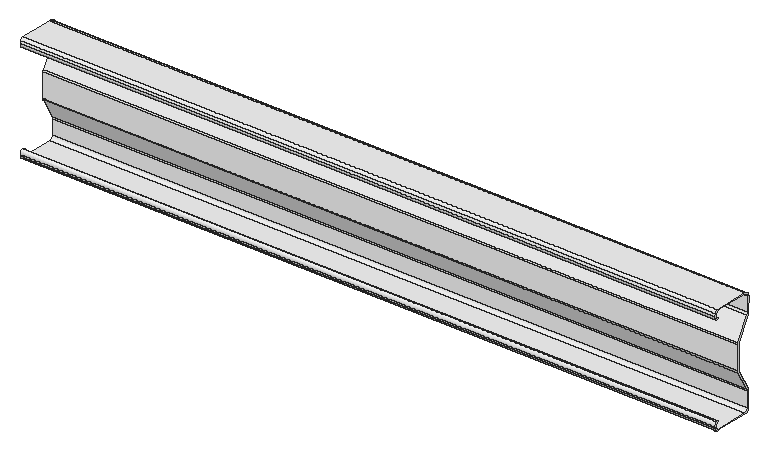
Revit family "KingspanStructuralProducts_StructuralFraming_Beam_MultibeamPurlinRail_M175_65mmFlangea", category Structural Framing, Revit 2016
Family settings
  Structural Framing Length Roundoff = 1 mm
  Section Shape = Not Defined
  Material for Model Behavior = Steel
  Always export as geometry = No
  OmniClass Number = 23.25.30.11
  OmniClass Title = Structural Frames
  Always vertical = Yes
  Cut with Voids When Loaded = No
  Symbolic Representation = From Project Settings
  Shared = No
  Show family pre-cut in plan views = Yes
Parameters (values of type "M175065120")
  _DistributedBy = "www.bimstore.co.uk"
  _CurrentRevision = 1
  _CreatedBy = "www.bimstore.co.uk"
  _BimSpecGuid = 0
  _BSBibleVersion = 15  # constant formula
  _AuthorizedBy = "Kris Atkinson"
  _Author = "Ryan Lashley"
  Y = 0 mm
  X = 0 mm
  Width = 67 mm
  Weight = 3.02 kg/m²
  WarrantyStartDate [instance] = "Please record on commissioning."
  WarrantyGuarantorParts = "marketing@kingspanstructural.co.uk"
  WarrantyGuarantorLabor = "n/a"
  WarrantyDurationUnit = "years"
  WarrantyDurationParts = "0"
  WarrantyDurationLabor = "0"
  WarrantyDescription = "n/a"
  URL = "https://www.kingspan.com/gb/en-gb/products/structural-steel-solutions/structural-steel-products?utm_source=BIM%20Store%20Structural%20Links&utm_campaign=BIM%20Structural"
  TypeName = Type Comments  # "M175065120"
  Type Comments = "M175065120"
  T = 1.2 mm
  Structural Material = Metal - Steel - Light Gauge
  SpareParts = "n/a"
  Size = "175 x 67 x 1.2mm"
  Shape = "Sigma"
  SerialNumber [instance] = "Please record on commissioning."
  ReplacementCost = "n/a"
  ReferencedStandard = "BS EN 10326:2004 and BS EN10143:1993"
  ProductionYear = "2017"
  NominalWidth = Width  # 67 mm
  NominalThickness = T  # 1.2 mm
  NominalLength = 18000 mm  # constant formula
  NominalHeight = Height  # 175 mm
  NBSReference = "45-60-50/400"
  NBSOfficeMasterTag = "n/a"
  NBSObjectName = "Kingspan Structural Products - Cold-formed galvanised steel section"
  NBSNote = "n/a"
  NBSDescription = "Cold-formed galvanised steel section"
  ModelReference = Model  # "Multibeam Purlin Rail (M175)"
  ModelNumber = Type Comments  # "M175065120"
  Model = "Multibeam Purlin Rail (M175)"
  Material = "Hot dip galvanised steel"
  ManufacturerName = "Kingspan Structural Products"
  Manufacturer = "Kingspan Structural Products"
  M175065250 = no
  M175065220 = no
  M175065200 = no
  M175065180 = no
  M175065160 = no
  M175065150 = no
  M175065140 = no
  M175065130 = no
  M175065120 = yes
  Lip = 15 mm
  Keynote = "G10"
  InstallationDate [instance] = "Please record on commissioning."
  IfcExportType = "Purlin"
  IfcExportAs = "IfcMemberType"
  Height = 175 mm
  Grade = "minimum grade of steel used is S450GD"
  Gauge = T  # 1.2 mm
  Fire Rating = "n/a"
  Finish = "Z275 zinc coating"
  Features = "Multibeam Purlin System typically requires fewer components than other systems. This means quicker assembly and faster project completion."
  Extidentifier [instance] = "Please record on commissioning."
  ExpectedLife = 0
  DurationUnit = "Years"
  DocumentationTechnical = "technical3@kingspan.com"
  DocumentationMaintenance = "https://www.kingspan.com/gb/en-gb/products/structural-steel-solutions/structural-steel-products/multibeam?utm_source=BIM%20Store%20Structural%20Links&utm_campaign=BIM%20Structural"
  DocumentationLiterature = "https://www.kingspan.com/gb/en-gb/products/structural-steel-solutions/structural-steel-products/downloads/kingspan-multibeam-handbook-brochure?utm_source=BIM%20Store%20Structural%20Links&utm_campaign=BIM%20Structural"
  DocumentationInstallationGuide = "https://www.kingspan.com/gb/en-gb/products/structural-steel-solutions/structural-steel-products/downloads/kingspan-multibeam-handbook-brochure?utm_source=BIM%20Store%20Structural%20Links&utm_campaign=BIM%20Structural"
  DocumentationCertificates = "n/a"
  Description = "Multibeam Purlin System typically requires fewer components than other systems. This means quicker assembly and faster project completion."
  CreatedOn = "2017-01-08T09:00:00"
  CreatedBy = "marketing@kingspanstructural.co.uk"
  Cost = 0
  Constituents = "n/a"
  Color = "Self-colour"
  CodePerformance = "BS EN 10326:2004 and BS EN 10143:1993"
  ClassificationValue = "Pr_20_76_51_21"
  ClassificationName = "Uniclass2015"
  BarCode [instance] = "Please record on commissioning."
  BIMObjectName = "KingspanStructuralProducts_StructuralFraming_Beam_MultibeamPurlinRail_M175_65mmFlange"
  AssetType = "Fixed"
  AssetIdentifier [instance] = "Please record on commissioning."
  Assembly Code = "B10"
  Length [instance] = 1500 mm
  AccessibilityPerformance = "n/a"
Types (9, lengths in mm): name | Weight | TypeName | Type Comments | T | Size | NominalThickness | ModelNumber | M175065250 | M175065220 | M175065200 | M175065180 | M175065160 | M175065150 | M175065140 | M175065130 | M175065120 | Gauge
  M175065250 | 6.35 kg/m² | "M175065250" | "M175065250" | 2.5 | "175 x 67 x 2.5mm" | 2.5 | "M175065250" | yes | no | no | no | no | no | no | no | no | 2.5
  M175065220 | 5.56 kg/m² | "M175065220" | "M175065220" | 2.2 | "175 x 67 x 2.2mm" | 2.2 | "M175065220" | no | yes | no | no | no | no | no | no | no | 2.2
  M175065200 | 5.08 kg/m² | "M175065200" | "M175065200" | 2 | "175 x 67 x 2.0mm" | 2 | "M175065200" | no | no | yes | no | no | no | no | no | no | 2
  M175065180 | 4.55 kg/m² | "M175065180" | "M175065180" | 1.8 | "175 x 67 x 1.8mm" | 1.8 | "M175065180" | no | no | no | yes | no | no | no | no | no | 1.8
  M175065160 | 4.05 kg/m² | "M175065160" | "M175065160" | 1.6 | "175 x 67 x 1.6mm" | 1.6 | "M175065160" | no | no | no | no | yes | no | no | no | no | 1.6
  M175065150 | 3.79 kg/m² | "M175065150" | "M175065150" | 1.5 | "175 x 67 x 1.5mm" | 1.5 | "M175065150" | no | no | no | no | no | yes | no | no | no | 1.5
  M175065140 | 3.52 kg/m² | "M175065140" | "M175065140" | 1.4 | "175 x 67 x 1.4mm" | 1.4 | "M175065140" | no | no | no | no | no | no | yes | no | no | 1.4
  M175065130 | 3.29 kg/m² | "M175065130" | "M175065130" | 1.3 | "175 x 67 x 1.3mm" | 1.3 | "M175065130" | no | no | no | no | no | no | no | yes | no | 1.3
  M175065120 | 3.02 kg/m² | "M175065120" | "M175065120" | 1.2 | "175 x 67 x 1.2mm" | 1.2 | "M175065120" | no | no | no | no | no | no | no | no | yes | 1.2
Reference planes
  plane 1 "Center (Front/Back)": y = 0
  plane 2: z = 0
  plane 3 "Center (Left/Right)": x = 0.008
  plane 4 "Member Left": x = -556.99
  plane 5 "Member Right": x = 566.21
  plane 6 "Left": x = -757.39
  plane 7 "Right": x = 742.61
  plane 8: z = 87.5
  plane 9: z = -87.5
  plane 10: y = 33.5
  plane 11: y = -33.5
  plane 12: z = 0
  plane 13: y = 0
  plane 14: y = 32.3
  plane 15: z = 86.3
  plane 16: z = -86.3
  plane 17: z = -54.8
  plane 18: z = 54.8
  plane 19: y = 12.3
  plane 20: y = 13.5
  plane 21: z = -75.1
  plane 22: z = 75.1
  plane 23: y = -31.5
  plane 24: y = -34.6
Forms (mm)
  Extrusion 1, solid, material "Metal - Steel - Light Gauge" <- "Structural Material", detail levels medium
    sketch origin (-757.39, 0, 0) x (0, -1, 0) y (0, 0, 1)
      loop
        line (-33.5, 87.5) -> (-33.5, 54.8) -> (-13.5, 20.159) -> (-13.5, -20.159) -> (-33.5, -54.8) -> (-33.5, -87.5) -> (31.5, -87.5) -> (34.6, -75.1) -> (26.702, -73.707) -> (26.41, -74.874) -> (33.124, -76.058) -> (30.563, -86.3) -> (-32.3, -86.3) -> (-32.3, -55.122) -> (-12.3, -20.481) -> (-12.3, 20.481) -> (-32.3, 55.122) -> (-32.3, 86.3) -> (30.563, 86.3) -> (33.124, 76.058) -> (26.41, 74.874) -> (26.702, 73.707) -> (34.6, 75.1) -> (31.5, 87.5) -> (-33.5, 87.5)
    from -1323.6 to -200.4
  Sweep 2, solid, material "Metal - Steel - Light Gauge" <- "Structural Material", visible <- "M175065120", detail levels fine
    path origin (0, -30.863, 0) x (0, 1, 0) y (-1, 0, 0)
      loop
        line (30.863, 556.99) -> (30.863, -566.21)
    profile "M175065120 : M175065120" origin (4.61, 0, 0) x (0, 1, 0) y (0, 0, 1)
      loop
        line (-27.571, 86.298) -> (26.997, 86.298)
        arc (26.997, 86.298) -> (30.745, 84.746) -> (32.297, 80.998) r 5.3
        line (32.297, 80.998) -> (32.297, 57.031)
        arc (32.297, 57.031) -> (32.049, 55.142) -> (31.319, 53.381) r 7.3
        line (31.319, 53.381) -> (13.061, 21.757)
        arc (13.061, 21.757) -> (12.492, 20.382) -> (12.297, 18.907) r 5.7
        line (12.297, 18.907) -> (12.297, -18.907)
        arc (12.297, -18.907) -> (12.492, -20.382) -> (13.061, -21.757) r 5.7
        line (13.061, -21.757) -> (31.319, -53.381)
        arc (31.319, -53.381) -> (32.049, -55.142) -> (32.297, -57.031) r 7.3
        line (32.297, -57.031) -> (32.297, -80.998)
        arc (32.297, -80.998) -> (30.745, -84.746) -> (26.997, -86.298) r 5.3
        line (26.997, -86.298) -> (-27.571, -86.298)
        arc (-27.571, -86.298) -> (-29.961, -85.453) -> (-31.287, -83.292) r 3.8
        line (-31.287, -83.292) -> (-32.162, -79.677)
        arc (-32.162, -79.677) -> (-31.648, -76.703) -> (-29.128, -75.041) r 3.8
        line (-29.128, -75.041) -> (-27.664, -74.783) -> (-27.873, -73.601) -> (-29.337, -73.859)
        arc (-29.337, -73.859) -> (-32.652, -76.046) -> (-33.328, -79.96) r 5
        line (-33.328, -79.96) -> (-32.457, -83.559)
        arc (-32.457, -83.559) -> (-30.709, -86.391) -> (-27.571, -87.498) r 5
        line (-27.571, -87.498) -> (26.997, -87.498)
        arc (26.997, -87.498) -> (31.594, -85.595) -> (33.497, -80.998) r 6.5
        line (33.497, -80.998) -> (33.497, -57.031)
        arc (33.497, -57.031) -> (33.208, -54.831) -> (32.359, -52.781) r 8.5
        line (32.359, -52.781) -> (14.1, -21.157)
        arc (14.1, -21.157) -> (13.651, -20.072) -> (13.497, -18.907) r 4.5
        line (13.497, -18.907) -> (13.497, 18.907)
        arc (13.497, 18.907) -> (13.651, 20.072) -> (14.1, 21.157) r 4.5
        line (14.1, 21.157) -> (32.359, 52.781)
        arc (32.359, 52.781) -> (33.208, 54.831) -> (33.497, 57.031) r 8.5
        line (33.497, 57.031) -> (33.497, 80.998)
        arc (33.497, 80.998) -> (31.594, 85.595) -> (26.997, 87.498) r 6.5
        line (26.997, 87.498) -> (-27.571, 87.498)
        arc (-27.571, 87.498) -> (-30.709, 86.391) -> (-32.457, 83.559) r 5
        line (-32.457, 83.559) -> (-33.328, 79.96)
        arc (-33.328, 79.96) -> (-32.652, 76.046) -> (-29.337, 73.859) r 5
        line (-29.337, 73.859) -> (-27.873, 73.601) -> (-27.664, 74.783) -> (-29.128, 75.041)
        arc (-29.128, 75.041) -> (-31.648, 76.703) -> (-32.162, 79.677) r 3.8
        line (-32.162, 79.677) -> (-31.287, 83.292)
        arc (-31.287, 83.292) -> (-29.961, 85.453) -> (-27.571, 86.298) r 3.8
  Sweep 3, solid, material "Metal - Steel - Light Gauge" <- "Structural Material", visible <- "M175065130", detail levels fine
    path origin (0, -30.863, 0) x (0, 1, 0) y (-1, 0, 0)
      loop
        line (30.863, 556.99) -> (30.863, -566.21)
    profile "M175065130 : M175065130" origin (4.61, 0, 0) x (0, 1, 0) y (0, 0, 1)
      loop
        line (32.197, 80.998) -> (32.197, 57.031)
        arc (32.197, 57.031) -> (31.952, 55.168) -> (31.233, 53.431) r 7.2
        line (31.233, 53.431) -> (12.974, 21.807)
        arc (12.974, 21.807) -> (12.395, 20.408) -> (12.197, 18.907) r 5.8
        line (12.197, 18.907) -> (12.197, -18.907)
        arc (12.197, -18.907) -> (12.395, -20.408) -> (12.974, -21.807) r 5.8
        line (12.974, -21.807) -> (31.233, -53.431)
        arc (31.233, -53.431) -> (31.952, -55.168) -> (32.197, -57.031) r 7.2
        line (32.197, -57.031) -> (32.197, -80.998)
        arc (32.197, -80.998) -> (30.674, -84.675) -> (26.997, -86.198) r 5.2
        line (26.997, -86.198) -> (-27.571, -86.198)
        arc (-27.571, -86.198) -> (-29.898, -85.374) -> (-31.189, -83.269) r 3.7
        line (-31.189, -83.269) -> (-32.064, -79.654)
        arc (-32.064, -79.654) -> (-31.564, -76.758) -> (-29.111, -75.14) r 3.7
        line (-29.111, -75.14) -> (-27.647, -74.882) -> (-27.873, -73.601) -> (-29.337, -73.859)
        arc (-29.337, -73.859) -> (-32.652, -76.046) -> (-33.328, -79.96) r 5
        line (-33.328, -79.96) -> (-32.457, -83.559)
        arc (-32.457, -83.559) -> (-30.709, -86.391) -> (-27.571, -87.498) r 5
        line (-27.571, -87.498) -> (26.997, -87.498)
        arc (26.997, -87.498) -> (31.594, -85.595) -> (33.497, -80.998) r 6.5
        line (33.497, -80.998) -> (33.497, -57.031)
        arc (33.497, -57.031) -> (33.208, -54.831) -> (32.359, -52.781) r 8.5
        line (32.359, -52.781) -> (14.1, -21.157)
        arc (14.1, -21.157) -> (13.651, -20.072) -> (13.497, -18.907) r 4.5
        line (13.497, -18.907) -> (13.497, 18.907)
        arc (13.497, 18.907) -> (13.651, 20.072) -> (14.1, 21.157) r 4.5
        line (14.1, 21.157) -> (32.359, 52.781)
        arc (32.359, 52.781) -> (33.208, 54.831) -> (33.497, 57.031) r 8.5
        line (33.497, 57.031) -> (33.497, 80.998)
        arc (33.497, 80.998) -> (31.594, 85.595) -> (26.997, 87.498) r 6.5
        line (26.997, 87.498) -> (-27.571, 87.498)
        arc (-27.571, 87.498) -> (-30.709, 86.391) -> (-32.457, 83.559) r 5
        line (-32.457, 83.559) -> (-33.328, 79.96)
        arc (-33.328, 79.96) -> (-32.652, 76.046) -> (-29.337, 73.859) r 5
        line (-29.337, 73.859) -> (-27.873, 73.601) -> (-27.647, 74.882) -> (-29.111, 75.14)
        arc (-29.111, 75.14) -> (-31.564, 76.758) -> (-32.064, 79.654) r 3.7
        line (-32.064, 79.654) -> (-31.189, 83.269)
        arc (-31.189, 83.269) -> (-29.898, 85.374) -> (-27.571, 86.198) r 3.7
        line (-27.571, 86.198) -> (26.997, 86.198)
        arc (26.997, 86.198) -> (30.674, 84.675) -> (32.197, 80.998) r 5.2
  Sweep 4, solid, material "Metal - Steel - Light Gauge" <- "Structural Material", visible <- "M175065140", detail levels fine
    path origin (0, -30.863, 0) x (0, 1, 0) y (-1, 0, 0)
      loop
        line (30.863, 556.99) -> (30.863, -566.21)
    profile "M175065140 : M175065140" origin (4.61, 0, 0) x (0, 1, 0) y (0, 0, 1)
      loop
        line (32.097, 80.998) -> (32.097, 57.031)
        arc (32.097, 57.031) -> (31.855, 55.194) -> (31.146, 53.481) r 7.1
        line (31.146, 53.481) -> (12.888, 21.857)
        arc (12.888, 21.857) -> (12.298, 20.434) -> (12.097, 18.907) r 5.9
        line (12.097, 18.907) -> (12.097, -18.907)
        arc (12.097, -18.907) -> (12.298, -20.434) -> (12.888, -21.857) r 5.9
        line (12.888, -21.857) -> (31.146, -53.481)
        arc (31.146, -53.481) -> (31.855, -55.194) -> (32.097, -57.031) r 7.1
        line (32.097, -57.031) -> (32.097, -80.998)
        arc (32.097, -80.998) -> (30.604, -84.605) -> (26.997, -86.098) r 5.1
        line (26.997, -86.098) -> (-27.571, -86.098)
        arc (-27.571, -86.098) -> (-29.836, -85.296) -> (-31.092, -83.247) r 3.6
        line (-31.092, -83.247) -> (-31.967, -79.63)
        arc (-31.967, -79.63) -> (-31.481, -76.812) -> (-29.093, -75.238) r 3.6
        line (-29.093, -75.238) -> (-27.707, -74.994) -> (-27.873, -73.601) -> (-29.337, -73.859)
        arc (-29.337, -73.859) -> (-32.652, -76.046) -> (-33.328, -79.96) r 5
        line (-33.328, -79.96) -> (-32.457, -83.559)
        arc (-32.457, -83.559) -> (-30.709, -86.391) -> (-27.571, -87.498) r 5
        line (-27.571, -87.498) -> (26.997, -87.498)
        arc (26.997, -87.498) -> (31.594, -85.595) -> (33.497, -80.998) r 6.5
        line (33.497, -80.998) -> (33.497, -57.031)
        arc (33.497, -57.031) -> (33.208, -54.831) -> (32.359, -52.781) r 8.5
        line (32.359, -52.781) -> (14.1, -21.157)
        arc (14.1, -21.157) -> (13.651, -20.072) -> (13.497, -18.907) r 4.5
        line (13.497, -18.907) -> (13.497, 18.907)
        arc (13.497, 18.907) -> (13.651, 20.072) -> (14.1, 21.157) r 4.5
        line (14.1, 21.157) -> (32.359, 52.781)
        arc (32.359, 52.781) -> (33.208, 54.831) -> (33.497, 57.031) r 8.5
        line (33.497, 57.031) -> (33.497, 80.998)
        arc (33.497, 80.998) -> (31.594, 85.595) -> (26.997, 87.498) r 6.5
        line (26.997, 87.498) -> (-27.571, 87.498)
        arc (-27.571, 87.498) -> (-30.709, 86.391) -> (-32.457, 83.559) r 5
        line (-32.457, 83.559) -> (-33.328, 79.96)
        arc (-33.328, 79.96) -> (-32.652, 76.046) -> (-29.337, 73.859) r 5
        line (-29.337, 73.859) -> (-27.873, 73.601) -> (-27.63, 74.98) -> (-29.093, 75.238)
        arc (-29.093, 75.238) -> (-31.481, 76.812) -> (-31.967, 79.63) r 3.6
        line (-31.967, 79.63) -> (-31.092, 83.247)
        arc (-31.092, 83.247) -> (-29.836, 85.296) -> (-27.571, 86.098) r 3.6
        line (-27.571, 86.098) -> (26.997, 86.098)
        arc (26.997, 86.098) -> (30.604, 84.605) -> (32.097, 80.998) r 5.1
  Sweep 5, solid, material "Metal - Steel - Light Gauge" <- "Structural Material", visible <- "M175065150", detail levels fine
    path origin (0, -30.863, 0) x (0, 1, 0) y (-1, 0, 0)
      loop
        line (30.863, 556.99) -> (30.863, -566.21)
    profile "M175065150 : M175065150" origin (4.61, 0, 0) x (0, 1, 0) y (0, 0, 1)
      loop
        arc (26.997, 85.998) -> (30.533, 84.534) -> (31.997, 80.998) r 5
        line (31.997, 80.998) -> (31.997, 57.031)
        arc (31.997, 57.031) -> (31.759, 55.22) -> (31.06, 53.531) r 7
        line (31.06, 53.531) -> (12.801, 21.907)
        arc (12.801, 21.907) -> (12.202, 20.46) -> (11.997, 18.907) r 6
        line (11.997, 18.907) -> (11.997, -18.907)
        arc (11.997, -18.907) -> (12.202, -20.46) -> (12.801, -21.907) r 6
        line (12.801, -21.907) -> (31.06, -53.531)
        arc (31.06, -53.531) -> (31.759, -55.22) -> (31.997, -57.031) r 7
        line (31.997, -57.031) -> (31.997, -80.998)
        arc (31.997, -80.998) -> (30.533, -84.534) -> (26.997, -85.998) r 5
        line (26.997, -85.998) -> (-27.571, -85.998)
        arc (-27.571, -85.998) -> (-29.774, -85.218) -> (-30.994, -83.225) r 3.5
        line (-30.994, -83.225) -> (-31.87, -79.607)
        arc (-31.87, -79.607) -> (-31.397, -76.867) -> (-29.076, -75.337) r 3.5
        line (-29.076, -75.337) -> (-27.612, -75.078) -> (-27.873, -73.601) -> (-29.337, -73.859)
        arc (-29.337, -73.859) -> (-32.652, -76.046) -> (-33.328, -79.96) r 5
        line (-33.328, -79.96) -> (-32.457, -83.559)
        arc (-32.457, -83.559) -> (-30.709, -86.391) -> (-27.571, -87.498) r 5
        line (-27.571, -87.498) -> (26.997, -87.498)
        arc (26.997, -87.498) -> (31.594, -85.595) -> (33.497, -80.998) r 6.5
        line (33.497, -80.998) -> (33.497, -57.031)
        arc (33.497, -57.031) -> (33.208, -54.831) -> (32.359, -52.781) r 8.5
        line (32.359, -52.781) -> (14.1, -21.157)
        arc (14.1, -21.157) -> (13.651, -20.072) -> (13.497, -18.907) r 4.5
        line (13.497, -18.907) -> (13.497, 18.907)
        arc (13.497, 18.907) -> (13.651, 20.072) -> (14.1, 21.157) r 4.5
        line (14.1, 21.157) -> (32.359, 52.781)
        arc (32.359, 52.781) -> (33.208, 54.831) -> (33.497, 57.031) r 8.5
        line (33.497, 57.031) -> (33.497, 80.998)
        arc (33.497, 80.998) -> (31.594, 85.595) -> (26.997, 87.498) r 6.5
        line (26.997, 87.498) -> (-27.571, 87.498)
        arc (-27.571, 87.498) -> (-30.709, 86.391) -> (-32.457, 83.559) r 5
        line (-32.457, 83.559) -> (-33.328, 79.96)
        arc (-33.328, 79.96) -> (-32.652, 76.046) -> (-29.337, 73.859) r 5
        line (-29.337, 73.859) -> (-27.873, 73.601) -> (-27.612, 75.078) -> (-29.076, 75.337)
        arc (-29.076, 75.337) -> (-31.397, 76.867) -> (-31.87, 79.607) r 3.5
        line (-31.87, 79.607) -> (-30.994, 83.225)
        arc (-30.994, 83.225) -> (-29.774, 85.218) -> (-27.571, 85.998) r 3.5
        line (-27.571, 85.998) -> (26.997, 85.998)
  Sweep 6, solid, material "Metal - Steel - Light Gauge" <- "Structural Material", visible <- "M175065160", detail levels fine
    path origin (0, -30.863, 0) x (0, 1, 0) y (-1, 0, 0)
      loop
        line (30.863, 556.99) -> (30.863, -566.21)
    profile "M175065160 : M175065160" origin (4.61, 0, 0) x (0, 1, 0) y (0, 0, 1)
      loop
        arc (26.997, 85.898) -> (30.462, 84.463) -> (31.897, 80.998) r 4.9
        line (31.897, 80.998) -> (31.897, 57.031)
        arc (31.897, 57.031) -> (31.662, 55.246) -> (30.973, 53.581) r 6.9
        line (30.973, 53.581) -> (12.715, 21.957)
        arc (12.715, 21.957) -> (12.105, 20.486) -> (11.897, 18.907) r 6.1
        line (11.897, 18.907) -> (11.897, -18.907)
        arc (11.897, -18.907) -> (12.105, -20.486) -> (12.715, -21.957) r 6.1
        line (12.715, -21.957) -> (30.973, -53.581)
        arc (30.973, -53.581) -> (31.662, -55.246) -> (31.897, -57.031) r 6.9
        line (31.897, -57.031) -> (31.897, -80.998)
        arc (31.897, -80.998) -> (30.462, -84.463) -> (26.997, -85.898) r 4.9
        line (26.997, -85.898) -> (-27.571, -85.898)
        arc (-27.571, -85.898) -> (-29.711, -85.14) -> (-30.897, -83.203) r 3.4
        line (-30.897, -83.203) -> (-31.773, -79.583)
        arc (-31.773, -79.583) -> (-31.313, -76.922) -> (-29.059, -75.435) r 3.4
        line (-29.059, -75.435) -> (-27.595, -75.177) -> (-27.873, -73.601) -> (-29.337, -73.859)
        arc (-29.337, -73.859) -> (-32.652, -76.046) -> (-33.328, -79.96) r 5
        line (-33.328, -79.96) -> (-32.457, -83.559)
        arc (-32.457, -83.559) -> (-30.709, -86.391) -> (-27.571, -87.498) r 5
        line (-27.571, -87.498) -> (26.997, -87.498)
        arc (26.997, -87.498) -> (31.594, -85.595) -> (33.497, -80.998) r 6.5
        line (33.497, -80.998) -> (33.497, -57.031)
        arc (33.497, -57.031) -> (33.208, -54.831) -> (32.359, -52.781) r 8.5
        line (32.359, -52.781) -> (14.1, -21.157)
        arc (14.1, -21.157) -> (13.651, -20.072) -> (13.497, -18.907) r 4.5
        line (13.497, -18.907) -> (13.497, 18.907)
        arc (13.497, 18.907) -> (13.651, 20.072) -> (14.1, 21.157) r 4.5
        line (14.1, 21.157) -> (32.359, 52.781)
        arc (32.359, 52.781) -> (33.208, 54.831) -> (33.497, 57.031) r 8.5
        line (33.497, 57.031) -> (33.497, 80.998)
        arc (33.497, 80.998) -> (31.594, 85.595) -> (26.997, 87.498) r 6.5
        line (26.997, 87.498) -> (-27.571, 87.498)
        arc (-27.571, 87.498) -> (-30.709, 86.391) -> (-32.457, 83.559) r 5
        line (-32.457, 83.559) -> (-33.328, 79.96)
        arc (-33.328, 79.96) -> (-32.652, 76.046) -> (-29.337, 73.859) r 5
        line (-29.337, 73.859) -> (-27.873, 73.601) -> (-27.595, 75.177) -> (-29.059, 75.435)
        arc (-29.059, 75.435) -> (-31.313, 76.922) -> (-31.773, 79.583) r 3.4
        line (-31.773, 79.583) -> (-30.897, 83.203)
        arc (-30.897, 83.203) -> (-29.711, 85.14) -> (-27.571, 85.898) r 3.4
        line (-27.571, 85.898) -> (26.997, 85.898)
  Sweep 7, solid, material "Metal - Steel - Light Gauge" <- "Structural Material", visible <- "M175065180", detail levels fine
    path origin (0, -30.863, 0) x (0, 1, 0) y (-1, 0, 0)
      loop
        line (30.863, 556.99) -> (30.863, -566.21)
    profile "M175065180 : M175065180" origin (4.61, 0, 0) x (0, 1, 0) y (0, 0, 1)
      loop
        line (33.497, 57.031) -> (33.497, 80.998)
        arc (33.497, 80.998) -> (31.594, 85.595) -> (26.997, 87.498) r 6.5
        line (26.997, 87.498) -> (-27.571, 87.498)
        arc (-27.571, 87.498) -> (-30.709, 86.391) -> (-32.457, 83.559) r 5
        line (-32.457, 83.559) -> (-33.328, 79.96)
        arc (-33.328, 79.96) -> (-32.652, 76.046) -> (-29.337, 73.859) r 5
        line (-29.337, 73.859) -> (-27.873, 73.601) -> (-27.56, 75.374) -> (-29.024, 75.632)
        arc (-29.024, 75.632) -> (-31.146, 77.031) -> (-31.579, 79.536) r 3.2
        line (-31.579, 79.536) -> (-30.702, 83.159)
        arc (-30.702, 83.159) -> (-29.586, 84.984) -> (-27.571, 85.698) r 3.2
        line (-27.571, 85.698) -> (26.997, 85.698)
        arc (26.997, 85.698) -> (30.321, 84.322) -> (31.697, 80.998) r 4.7
        line (31.697, 80.998) -> (31.697, 57.031)
        arc (31.697, 57.031) -> (31.469, 55.297) -> (30.8, 53.681) r 6.7
        line (30.8, 53.681) -> (12.541, 22.057)
        arc (12.541, 22.057) -> (11.912, 20.538) -> (11.697, 18.907) r 6.3
        line (11.697, 18.907) -> (11.697, -18.907)
        arc (11.697, -18.907) -> (11.912, -20.538) -> (12.541, -22.057) r 6.3
        line (12.541, -22.057) -> (30.8, -53.681)
        arc (30.8, -53.681) -> (31.469, -55.297) -> (31.697, -57.031) r 6.7
        line (31.697, -57.031) -> (31.697, -80.998)
        arc (31.697, -80.998) -> (30.321, -84.322) -> (26.997, -85.698) r 4.7
        line (26.997, -85.698) -> (-27.571, -85.698)
        arc (-27.571, -85.698) -> (-29.586, -84.984) -> (-30.702, -83.159) r 3.2
        line (-30.702, -83.159) -> (-31.579, -79.536)
        arc (-31.579, -79.536) -> (-31.146, -77.031) -> (-29.024, -75.632) r 3.2
        line (-29.024, -75.632) -> (-27.56, -75.374) -> (-27.873, -73.601) -> (-29.337, -73.859)
        arc (-29.337, -73.859) -> (-32.652, -76.046) -> (-33.328, -79.96) r 5
        line (-33.328, -79.96) -> (-32.457, -83.559)
        arc (-32.457, -83.559) -> (-30.709, -86.391) -> (-27.571, -87.498) r 5
        line (-27.571, -87.498) -> (26.997, -87.498)
        arc (26.997, -87.498) -> (31.594, -85.595) -> (33.497, -80.998) r 6.5
        line (33.497, -80.998) -> (33.497, -57.031)
        arc (33.497, -57.031) -> (33.208, -54.831) -> (32.359, -52.781) r 8.5
        line (32.359, -52.781) -> (14.1, -21.157)
        arc (14.1, -21.157) -> (13.651, -20.072) -> (13.497, -18.907) r 4.5
        line (13.497, -18.907) -> (13.497, 18.907)
        arc (13.497, 18.907) -> (13.651, 20.072) -> (14.1, 21.157) r 4.5
        line (14.1, 21.157) -> (32.359, 52.781)
        arc (32.359, 52.781) -> (33.208, 54.831) -> (33.497, 57.031) r 8.5
  Sweep 8, solid, material "Metal - Steel - Light Gauge" <- "Structural Material", visible <- "M175065200", detail levels fine
    path origin (0, -30.863, 0) x (0, 1, 0) y (-1, 0, 0)
      loop
        line (30.863, 556.99) -> (30.863, -566.21)
    profile "M175065200 : M175065200" origin (4.61, 0, 0) x (0, 1, 0) y (0, 0, 1)
      loop
        arc (31.497, 57.031) -> (31.276, 55.349) -> (30.627, 53.781) r 6.5
        line (30.627, 53.781) -> (12.368, 22.157)
        arc (12.368, 22.157) -> (11.719, 20.589) -> (11.497, 18.907) r 6.5
        line (11.497, 18.907) -> (11.497, -18.907)
        arc (11.497, -18.907) -> (11.719, -20.589) -> (12.368, -22.157) r 6.5
        line (12.368, -22.157) -> (30.627, -53.781)
        arc (30.627, -53.781) -> (31.276, -55.349) -> (31.497, -57.031) r 6.5
        line (31.497, -57.031) -> (31.497, -80.998)
        arc (31.497, -80.998) -> (30.179, -84.18) -> (26.997, -85.498) r 4.5
        line (26.997, -85.498) -> (-27.571, -85.498)
        arc (-27.571, -85.498) -> (-29.462, -84.827) -> (-30.507, -83.115) r 3
        line (-30.507, -83.115) -> (-31.384, -79.489)
        arc (-31.384, -79.489) -> (-30.979, -77.141) -> (-28.989, -75.829) r 3
        line (-28.989, -75.829) -> (-27.525, -75.571) -> (-27.873, -73.601) -> (-29.337, -73.859)
        arc (-29.337, -73.859) -> (-32.652, -76.046) -> (-33.328, -79.96) r 5
        line (-33.328, -79.96) -> (-32.457, -83.559)
        arc (-32.457, -83.559) -> (-30.709, -86.391) -> (-27.571, -87.498) r 5
        line (-27.571, -87.498) -> (26.997, -87.498)
        arc (26.997, -87.498) -> (31.594, -85.595) -> (33.497, -80.998) r 6.5
        line (33.497, -80.998) -> (33.497, -57.031)
        arc (33.497, -57.031) -> (33.208, -54.831) -> (32.359, -52.781) r 8.5
        line (32.359, -52.781) -> (14.1, -21.157)
        arc (14.1, -21.157) -> (13.651, -20.072) -> (13.497, -18.907) r 4.5
        line (13.497, -18.907) -> (13.497, 18.907)
        arc (13.497, 18.907) -> (13.651, 20.072) -> (14.1, 21.157) r 4.5
        line (14.1, 21.157) -> (32.359, 52.781)
        arc (32.359, 52.781) -> (33.208, 54.831) -> (33.497, 57.031) r 8.5
        line (33.497, 57.031) -> (33.497, 80.998)
        arc (33.497, 80.998) -> (31.594, 85.595) -> (26.997, 87.498) r 6.5
        line (26.997, 87.498) -> (-27.571, 87.498)
        arc (-27.571, 87.498) -> (-30.709, 86.391) -> (-32.457, 83.559) r 5
        line (-32.457, 83.559) -> (-33.328, 79.96)
        arc (-33.328, 79.96) -> (-32.652, 76.046) -> (-29.337, 73.859) r 5
        line (-29.337, 73.859) -> (-27.873, 73.601) -> (-27.525, 75.571) -> (-28.989, 75.829)
        arc (-28.989, 75.829) -> (-30.979, 77.141) -> (-31.384, 79.489) r 3
        line (-31.384, 79.489) -> (-30.507, 83.115)
        arc (-30.507, 83.115) -> (-29.462, 84.827) -> (-27.571, 85.498) r 3
        line (-27.571, 85.498) -> (26.997, 85.498)
        arc (26.997, 85.498) -> (30.179, 84.18) -> (31.497, 80.998) r 4.5
        line (31.497, 80.998) -> (31.497, 57.031)
  Sweep 9, solid, material "Metal - Steel - Light Gauge" <- "Structural Material", visible <- "M175065220", detail levels fine
    path origin (0, -30.863, 0) x (0, 1, 0) y (-1, 0, 0)
      loop
        line (30.863, 556.99) -> (30.863, -566.21)
    profile "M175065220 : M175065220" origin (4.61, 0, 0) x (0, 1, 0) y (0, 0, 1)
      loop
        line (31.297, 80.998) -> (31.297, 57.031)
        arc (31.297, 57.031) -> (31.083, 55.401) -> (30.453, 53.881) r 6.3
        line (30.453, 53.881) -> (12.195, 22.257)
        arc (12.195, 22.257) -> (11.526, 20.641) -> (11.297, 18.907) r 6.7
        line (11.297, 18.907) -> (11.297, -18.907)
        arc (11.297, -18.907) -> (11.526, -20.641) -> (12.195, -22.257) r 6.7
        line (12.195, -22.257) -> (30.453, -53.881)
        arc (30.453, -53.881) -> (31.083, -55.401) -> (31.297, -57.031) r 6.3
        line (31.297, -57.031) -> (31.297, -80.998)
        arc (31.297, -80.998) -> (30.038, -84.039) -> (26.997, -85.298) r 4.3
        line (26.997, -85.298) -> (-27.571, -85.298)
        arc (-27.571, -85.298) -> (-29.337, -84.671) -> (-30.312, -83.071) r 2.8
        line (-30.312, -83.071) -> (-31.19, -79.442)
        arc (-31.19, -79.442) -> (-30.811, -77.25) -> (-28.955, -76.026) r 2.8
        line (-28.955, -76.026) -> (-27.491, -75.768) -> (-27.873, -73.601) -> (-29.337, -73.859)
        arc (-29.337, -73.859) -> (-32.652, -76.046) -> (-33.328, -79.96) r 5
        line (-33.328, -79.96) -> (-32.457, -83.559)
        arc (-32.457, -83.559) -> (-30.709, -86.391) -> (-27.571, -87.498) r 5
        line (-27.571, -87.498) -> (26.997, -87.498)
        arc (26.997, -87.498) -> (31.594, -85.595) -> (33.497, -80.998) r 6.5
        line (33.497, -80.998) -> (33.497, -57.031)
        arc (33.497, -57.031) -> (33.208, -54.831) -> (32.359, -52.781) r 8.5
        line (32.359, -52.781) -> (14.1, -21.157)
        arc (14.1, -21.157) -> (13.651, -20.072) -> (13.497, -18.907) r 4.5
        line (13.497, -18.907) -> (13.497, 18.907)
        arc (13.497, 18.907) -> (13.651, 20.072) -> (14.1, 21.157) r 4.5
        line (14.1, 21.157) -> (32.359, 52.781)
        arc (32.359, 52.781) -> (33.208, 54.831) -> (33.497, 57.031) r 8.5
        line (33.497, 57.031) -> (33.497, 80.998)
        arc (33.497, 80.998) -> (31.594, 85.595) -> (26.997, 87.498) r 6.5
        line (26.997, 87.498) -> (-27.571, 87.498)
        arc (-27.571, 87.498) -> (-30.709, 86.391) -> (-32.457, 83.559) r 5
        line (-32.457, 83.559) -> (-33.328, 79.96)
        arc (-33.328, 79.96) -> (-32.652, 76.046) -> (-29.337, 73.859) r 5
        line (-29.337, 73.859) -> (-27.873, 73.601) -> (-27.491, 75.768) -> (-28.955, 76.026)
        arc (-28.955, 76.026) -> (-30.811, 77.25) -> (-31.19, 79.442) r 2.8
        line (-31.19, 79.442) -> (-30.312, 83.071)
        arc (-30.312, 83.071) -> (-29.337, 84.671) -> (-27.571, 85.298) r 2.8
        line (-27.571, 85.298) -> (26.997, 85.298)
        arc (26.997, 85.298) -> (30.038, 84.039) -> (31.297, 80.998) r 4.3
  Sweep 10, solid, material "Metal - Steel - Light Gauge" <- "Structural Material", visible <- "M175065250", detail levels fine
    path origin (0, -30.863, 0) x (0, 1, 0) y (-1, 0, 0)
      loop
        line (30.863, 556.99) -> (30.863, -566.21)
    profile "M175065250 : M175065250" origin (4.61, 0, 0) x (0, 1, 0) y (0, 0, 1)
      loop
        arc (11.935, 22.407) -> (11.236, 20.719) -> (10.997, 18.907) r 7
        line (10.997, 18.907) -> (10.997, -18.907)
        arc (10.997, -18.907) -> (11.236, -20.719) -> (11.935, -22.407) r 7
        line (11.935, -22.407) -> (30.194, -54.031)
        arc (30.194, -54.031) -> (30.793, -55.478) -> (30.997, -57.031) r 6
        line (30.997, -57.031) -> (30.997, -80.998)
        arc (30.997, -80.998) -> (29.826, -83.827) -> (26.997, -84.998) r 4
        line (26.997, -84.998) -> (-27.571, -84.998)
        arc (-27.571, -84.998) -> (-29.149, -84.437) -> (-30.019, -83.005) r 2.5
        line (-30.019, -83.005) -> (-30.898, -79.372)
        arc (-30.898, -79.372) -> (-30.56, -77.415) -> (-28.902, -76.321) r 2.5
        line (-28.902, -76.321) -> (-27.439, -76.063) -> (-27.873, -73.601) -> (-29.337, -73.859)
        arc (-29.337, -73.859) -> (-32.652, -76.046) -> (-33.328, -79.96) r 5
        line (-33.328, -79.96) -> (-32.457, -83.559)
        arc (-32.457, -83.559) -> (-30.709, -86.391) -> (-27.571, -87.498) r 5
        line (-27.571, -87.498) -> (26.997, -87.498)
        arc (26.997, -87.498) -> (31.594, -85.595) -> (33.497, -80.998) r 6.5
        line (33.497, -80.998) -> (33.497, -57.031)
        arc (33.497, -57.031) -> (33.208, -54.831) -> (32.359, -52.781) r 8.5
        line (32.359, -52.781) -> (14.1, -21.157)
        arc (14.1, -21.157) -> (13.651, -20.072) -> (13.497, -18.907) r 4.5
        line (13.497, -18.907) -> (13.497, 18.907)
        arc (13.497, 18.907) -> (13.651, 20.072) -> (14.1, 21.157) r 4.5
        line (14.1, 21.157) -> (32.359, 52.781)
        arc (32.359, 52.781) -> (33.208, 54.831) -> (33.497, 57.031) r 8.5
        line (33.497, 57.031) -> (33.497, 80.998)
        arc (33.497, 80.998) -> (31.594, 85.595) -> (26.997, 87.498) r 6.5
        line (26.997, 87.498) -> (-27.571, 87.498)
        arc (-27.571, 87.498) -> (-30.709, 86.391) -> (-32.457, 83.559) r 5
        line (-32.457, 83.559) -> (-33.328, 79.96)
        arc (-33.328, 79.96) -> (-32.652, 76.046) -> (-29.337, 73.859) r 5
        line (-29.337, 73.859) -> (-27.873, 73.601) -> (-27.439, 76.063) -> (-28.902, 76.321)
        arc (-28.902, 76.321) -> (-30.56, 77.415) -> (-30.898, 79.372) r 2.5
        line (-30.898, 79.372) -> (-30.019, 83.005)
        arc (-30.019, 83.005) -> (-29.149, 84.437) -> (-27.571, 84.998) r 2.5
        line (-27.571, 84.998) -> (26.997, 84.998)
        arc (26.997, 84.998) -> (29.826, 83.827) -> (30.997, 80.998) r 4
        line (30.997, 80.998) -> (30.997, 57.031)
        arc (30.997, 57.031) -> (30.793, 55.478) -> (30.194, 54.031) r 6
        line (30.194, 54.031) -> (11.935, 22.407)
Lines and regions (mm)
  reference lines
    curve 1: line (-556.99, 33.5, 54.8) -> (-556.99, 13.5, 20.159)
    curve 2: line (-556.99, 33.5, -54.8) -> (-556.99, 13.5, -20.159)
    curve 3: line (-556.99, 32.3, 55.122) -> (-556.99, 12.3, 20.481)
    curve 4: line (-556.99, 32.3, -55.122) -> (-556.99, 12.3, -20.481)
    curve 5: line (-556.99, -31.5, 87.5) -> (-556.99, -34.6, 75.1)
    curve 6: line (-556.99, -34.6, 75.1) -> (-556.99, -26.702, 73.707)
    curve 7: line (-556.99, -26.702, 73.707) -> (-556.99, -26.41, 74.874)
    curve 8: line (-556.99, -26.41, 74.874) -> (-556.99, -33.124, 76.058)
    curve 9: line (-556.99, -30.263, 87.5) -> (-556.99, -33.124, 76.058)
    curve 10: line (-556.99, -31.5, -87.5) -> (-556.99, -34.6, -75.1)
    curve 11: line (-556.99, -34.6, -75.1) -> (-556.99, -26.702, -73.707)
    curve 12: line (-556.99, -26.702, -73.707) -> (-556.99, -26.41, -74.874)
    curve 13: line (-556.99, -26.41, -74.874) -> (-556.99, -33.124, -76.058)
    curve 14: line (-556.99, -30.263, -87.5) -> (-556.99, -33.124, -76.058)
  model lines, detail levels coarse
    curve 15: line (-556.99, 33.5, 87.5) -> (-556.99, -31.5, 87.5)
    curve 16: line (-556.99, -31.5, 87.5) -> (-556.99, -34.6, 75.1)
    curve 17: line (-556.99, -34.6, 75.1) -> (-556.99, -26.702, 73.707)
    curve 18: line (-556.99, 33.5, 87.5) -> (-556.99, 33.5, 54.8)
    curve 19: line (-556.99, 33.5, 54.8) -> (-556.99, 13.5, 20.159)
    curve 20: line (-556.99, 13.5, 20.159) -> (-556.99, 13.5, -20.159)
    curve 21: line (-556.99, 33.5, -54.8) -> (-556.99, 13.5, -20.159)
    curve 22: line (-556.99, 33.5, -87.5) -> (-556.99, -31.5, -87.5)
    curve 23: line (-556.99, -31.5, -87.5) -> (-556.99, -34.6, -75.1)
    curve 24: line (-556.99, -34.6, -75.1) -> (-556.99, -26.702, -73.707)
    curve 25: line (-556.99, 33.5, -54.8) -> (-556.99, 33.5, -87.5)
Dimensions and locks
  "Length": plane 6 "Left" to plane 7 "Right"
  equal spacing: plane 8, plane 12, plane 9
  "Height": plane 8 to plane 9
  equal spacing: plane 10, plane 13, plane 11
  "Width": plane 10 to plane 11
  "X": plane 1 "Center (Front/Back)" to plane 13
  "Y": plane 12 to level
  "T": plane 8 to plane 15
  "T": plane 10 to plane 14
  "T": plane 9 to plane 16
  locked: plane 9 to plane 17 at 32.7
  locked: plane 8 to plane 18 at 32.7
  "T": plane 20 to plane 19
  locked: plane 14 to plane 19 at 20
  "T": curve 1 to curve 3
  "T": curve 4 to curve 2
  locked: plane 21 to plane 9 at 12.4
  locked: plane 22 to plane 8 at 12.4
  locked: plane 23 to plane 11 at 2
  locked: plane 23 to plane 24 at 3.1
  "T": curve 9 to curve 5
  "T": curve 8 to curve 6
  locked: curve 7 to curve 5 at 8
  "T": curve 10 to curve 14
  "T": curve 11 to curve 13
  locked: curve 10 to curve 12 at 8
  locked: curve 2 to plane 10 (angle 30.00°)
  locked: plane 10 to curve 1 (angle 30.00°)
  locked: plane 14 to curve 3 (angle 30.00°)
  locked: curve 4 to plane 14 (angle 30.00°)
  locked: plane 22 to curve 6 (angle 10.00°)
  locked: curve 6 to curve 7 (angle 94.0362°)
  locked: curve 11 to plane 21 (angle 10.00°)
  locked: curve 12 to curve 11 (angle 94.0362°)
  aligned and locked: curve 2 to plane 17
  aligned and locked: plane 18 to curve 1
  aligned and locked: curve 1 to plane 20
  aligned and locked: curve 2 to plane 20
  aligned and locked: curve 3 to plane 14
  aligned and locked: curve 3 to plane 19
  aligned and locked: curve 4 to plane 14
  aligned and locked: curve 4 to plane 19
  aligned and locked: curve 5 to plane 22
  aligned and locked: plane 24 to curve 5
  aligned and locked: plane 8 to curve 5
  aligned and locked: plane 23 to curve 5
  aligned and locked: plane 8 to curve 9
  aligned and locked: plane 21 to curve 10
  aligned and locked: curve 10 to plane 24
  aligned and locked: plane 9 to curve 10
  aligned and locked: curve 10 to plane 23
  aligned and locked: curve 14 to plane 9
  aligned and locked: Extrusion 1 sketch curve to plane 8
  aligned and locked: Extrusion 1 sketch curve to plane 15
  aligned and locked: curve 9 to Extrusion 1 sketch curve
  aligned and locked: Extrusion 1 sketch curve to curve 8
  aligned and locked: Extrusion 1 sketch curve to curve 7
  aligned and locked: Extrusion 1 sketch curve to curve 6
  aligned and locked: Extrusion 1 sketch curve to curve 5
  aligned and locked: Extrusion 1 sketch curve to curve 3
  aligned and locked: Extrusion 1 sketch curve to curve 1
  aligned and locked: Extrusion 1 sketch curve to curve 2
  aligned and locked: Extrusion 1 sketch curve to curve 4
  aligned and locked: plane 20 to Extrusion 1 sketch curve
  aligned and locked: plane 19 to Extrusion 1 sketch curve
  aligned and locked: Extrusion 1 sketch curve to curve 11
  aligned and locked: Extrusion 1 sketch curve to curve 12
  aligned and locked: Extrusion 1 sketch curve to curve 13
  aligned and locked: curve 14 to Extrusion 1 sketch curve
  aligned and locked: Extrusion 1 sketch curve to curve 10
  aligned and locked: Extrusion 1 sketch curve to plane 16
  aligned and locked: Extrusion 1 sketch curve to plane 9
  aligned and locked: Extrusion 1 sketch curve to plane 14
  aligned and locked: Extrusion 1 sketch curve to plane 10
  aligned and locked: plane 14 to Extrusion 1 sketch curve
  aligned and locked: plane 10 to Extrusion 1 sketch curve
  aligned and locked: Extrusion 1 to plane 5 "Member Right"
  aligned and locked: plane 4 "Member Left" to Extrusion 1
  aligned and locked: curve 15 to plane 8
  aligned and locked: curve 16 to curve 5
  aligned and locked: curve 17 to curve 6
  aligned and locked: curve 18 to plane 10
  aligned and locked: curve 19 to curve 1
  aligned and locked: plane 20 to curve 20
  aligned and locked: curve 21 to curve 2
  aligned and locked: curve 22 to plane 9
  aligned and locked: curve 23 to curve 10
  aligned and locked: curve 24 to curve 11
  aligned and locked: plane 10 to curve 25
  aligned and locked: plane 4 "Member Left" to Sweep 10 sketch curve
  aligned and locked: plane 5 "Member Right" to Sweep 10 sketch curve
  aligned and locked: plane 4 "Member Left" to Sweep 9 sketch curve
  aligned and locked: plane 5 "Member Right" to Sweep 9 sketch curve
  aligned and locked: plane 13 to Sweep 9 sketch curve
  aligned and locked: plane 5 "Member Right" to Sweep 8 sketch curve
  aligned and locked: plane 4 "Member Left" to Sweep 8 sketch curve
  aligned and locked: plane 13 to Sweep 8 sketch curve
  aligned and locked: plane 4 "Member Left" to Sweep 7 sketch curve
  aligned and locked: plane 5 "Member Right" to Sweep 7 sketch curve
  aligned and locked: plane 13 to Sweep 7 sketch curve
  aligned and locked: plane 4 "Member Left" to Sweep 6 sketch curve
  aligned and locked: plane 5 "Member Right" to Sweep 6 sketch curve
  aligned and locked: plane 13 to Sweep 6 sketch curve
  aligned and locked: plane 4 "Member Left" to Sweep 5 sketch curve
  aligned and locked: plane 5 "Member Right" to Sweep 5 sketch curve
  aligned and locked: plane 13 to Sweep 5 sketch curve
  aligned and locked: plane 4 "Member Left" to Sweep 4 sketch curve
  aligned and locked: plane 5 "Member Right" to Sweep 4 sketch curve
  aligned and locked: plane 13 to Sweep 4 sketch curve
  aligned and locked: plane 4 "Member Left" to Sweep 3 sketch curve
  aligned and locked: plane 5 "Member Right" to Sweep 3 sketch curve
  aligned and locked: plane 13 to Sweep 3 sketch curve
  aligned and locked: plane 4 "Member Left" to Sweep 2 sketch curve
  aligned and locked: plane 5 "Member Right" to Sweep 2 sketch curve
  aligned and locked: plane 13 to Sweep 2 sketch curve
Automatic sketch dimensions
  plane 22 to curve 17 = 1.393 mm
  plane 21 to curve 24 = 1.393 mm
  Sweep 10 sketch curve to plane 24 = 34.6 mm
